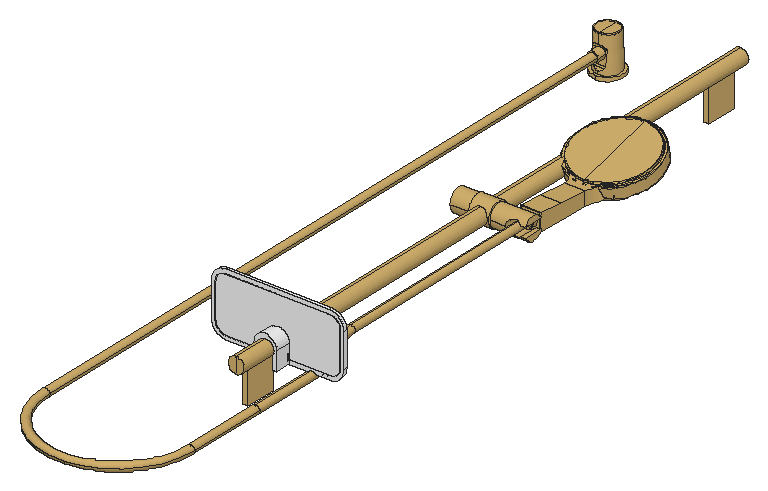
Revit family "26603GN0_26545GN0_28417GN0_26635GN0", category Plumbing Fixtures, host Face, Revit 2015
Parameters (values of type "26603GN0")
  cUPC Compliant = yes
  Width = 2 7/8"
  Waste Connection = no
  Warranty Documentation Link = "https://cdn.cloud.grohe.com/tpi/1000/1900/1940/1949/1949006/original/1949006.pdf"
  WFU = 4  # constant formula
  Vent Connection = no
  Vacuum Breaker Specification = "GROHE 07911GN0 1/2\" In-Line Vacuum Breaker Installed between supply outlet and shower hose GROHE Starlight® finish"
  URL = "https://www.grohe.us/"
  Type Comments = ""
  Tempered Connection Radius = Tempered Connection Diameter / 2  # 1/4"
  Tempered Connection Diameter = Hot Water Connection Diameter  # 1/2"
  Shower Hose Specification = "GROHE 28417GN0 Shower Hose 59\" (1499 mm) Metal Rotation cone for twist-free function GROHE Hard Graphite finish"
  Shower Elbow Specification = "GROHE 26635GN0 Shower outlet elbow 13 mm (1/2\") NPT female thread inlet Protected against backflow GROHE Hard Graphite finish"
  Product Page URL = "https://www.grohe.us/en_us/36-shower-bar-26603A00.html"
  Price = "Prices may vary. Please consult Manufacturer Representative for most up-to-date price list."  # constant formula
  Model = "26603GN0"
  Material = "Metal-Grohe-GN0-Brushed Cool Sunrise"
  Manufacturer = "Grohe"
  Length = 3 3/16"  # constant formula
  Label = "Ceiling Rain Shower/Wall Mounted Head Shower/Hand Shower"
  Installation Type = "Wall Mounted"
  Hot Water Connection Radius = Hot Water Connection Diameter / 2  # 1/4"
  Hot Water Connection Diameter = Cold Water Connection Diameter  # 1/2"
  Height = 36"
  HWFU = 3  # constant formula
  Finish = Metal-Grohe-GN0-Brushed Cool Sunrise
  Description = "Rainshower SmartActive 36\" Shower Bar"
  Default Elevation = 78"  # constant formula
  Creation Date = "2017/04/06"  # constant formula
  Cold Water Connection Radius = 1/4"  # constant formula
  Cold Water Connection Diameter = Cold Water Connection Radius * 2  # 1/2"
  CWFU = 3  # constant formula
  Assembly Code = "D2010710"
Reference planes (in)
  plane 1 "Center (Front/Back)": y = 0
  plane 2: z = 0
  plane 3 "Center (Left/Right)": x = 0
  plane 4: x = -1.4375
  plane 5: x = 1.4375
  plane 6: z = 2.40157
  plane 7: z = 1.53543
  plane 8: z = 1.96181
  plane 9: x = -6
  plane 10: y = 18
  plane 11: y = -18
  plane 12: z = 3.1875
  plane 13: x = 1.9422
  plane 14: y = 0.0625
  plane 15: y = -12.99805
  plane 16: z = 2.55906
  plane 17: y = 19.6939
  plane 18: y = -19.6939
  plane 19: y = 18.94488
  plane 20: y = 17.05512
  plane 21: y = -18.94488
  plane 22: y = -17.05512
  plane 23: z = 2.57465
  plane 24: z = 1.3125
Forms (in)
  Extrusion 1, solid, material "Metal-Grohe-GN0-Brushed Cool Sunrise" <- "Finish"
    sketch origin (1.4375, 0, 0) x (1, 0, 0) y (0, 0, 1)
      loop
        line (0.15446, 2.31231) -> (-0.15446, 2.31231) -> (-0.15446, 0) -> (0.15446, 0) -> (0.15446, 2.31231)
    from -18.94488 to -17.05512
  Extrusion 2, solid, material "Metal-Grohe-GN0-Brushed Cool Sunrise" <- "Finish"
    sketch origin (1.4375, 0, 0) x (1, 0, 0) y (0, 0, -1)
      loop
        line (0.15446, -2.65023) -> (0.15446, 0) -> (-0.15446, 0) -> (-0.15446, -2.65023) -> (0.15446, -2.65023)
    from -18.94488 to -17.05512
  Revolve 3, solid, material "Metal-Grohe-GN0-Brushed Cool Sunrise" <- "Finish"
    sketch origin (1.4375, 0, 0) x (0, 1, 0) y (0, 0, 1)
      loop
        line (19.6939, 3.04724) -> (-19.6939, 3.04724) -> (-19.6939, 2.55906) -> (19.6939, 2.55906) -> (19.6939, 3.04724)
      axis (-19.6939, 2.55906) -> (19.6939, 2.55906)
    angle from 0 to 360
  Extrusion 4, solid, material "Metal-Grohe-GN0-Brushed Cool Sunrise" <- "Finish"
    sketch origin (1.4375, 0.20874, 0.59725) x (0, 1, 0) y (0, 0, 1)
      loop
        circle (-0.20874, 1.96181) r 0.69577
    from -1.826 to 2.8125
  Extrusion 5, solid, material "Metal-Grohe-GN0-Brushed Cool Sunrise" <- "Finish"
    sketch origin (1.4375, 0.20874, 0.59725) x (0, 1, 0) y (0, 0, 1)
      loop
        circle (-0.20874, 1.96181) r 0.75
    from -0.62992 to 0.62992
  Extrusion 6, void
    sketch origin (0, 0, 0) x (1, 0, 0) y (0, 0, 1)
      loop
        arc (3.96287, 2.87219) -> (3.07307, 2.55906) -> (3.96287, 2.24592) r 0.5
        line (3.96287, 2.24592) -> (4.42381, 2.24592) -> (4.42381, 2.87219) -> (3.96287, 2.87219)
    from -0.90567 to 0.76551
  Revolve 7, solid, material "Metal-Grohe-GN0-Brushed Cool Sunrise" <- "Finish"
    sketch origin (-5.5, 0, 0) x (0, 1, 0) y (0, 0, 1)
      loop
        line (18, 0) -> (18.96875, 0) -> (18.96875, 0.21302) -> (18.77738, 0.21302) -> (18.72175, 2.465)
        arc (18.72175, 2.465) -> (18.71093, 2.4898) -> (18.68587, 2.5) r 0.03589
        line (18.68587, 2.5) -> (18, 2.5) -> (18, 0)
      axis (18, 2.5) -> (18, 0)
    angle from 0 to 360
  Extrusion 8, void
    sketch origin (0, 0, 0) x (0, 1, 0) y (0, 0, 1)
      loop
        line (17.16855, 1.89575) -> (17.16855, 0.2526) -> (17.31674, 0.57038)
        arc (17.31674, 0.57038) -> (17.34178, 0.64014) -> (17.3537, 0.71329) r 0.40499
        line (17.3537, 0.71329) -> (17.41541, 1.59585)
        arc (17.41541, 1.59585) -> (17.39503, 1.70321) -> (17.32442, 1.78662) r 0.21461
        line (17.32442, 1.78662) -> (17.16855, 1.89575)
    from -6.91491 to -4.23852
  Extrusion 9, solid, material "Metal-Grohe-GN0-Brushed Cool Sunrise" <- "Finish"
    sketch origin (0, 0, 0) x (1, 0, 0) y (0, 0, 1)
      loop
        circle (-5.5, 1.3125) r 0.32865
    from -17.78142 to -16.84444
  Sweep 10, solid, material "Metal-Grohe-GN0-Brushed Cool Sunrise" <- "Finish"
    path origin (0, 0, 0) x (0, 1, 0) y (0, 0, 1)
      loop
        line (0.28491, 2.55906) -> (-13.39618, 2.55906)
        arc (-13.39618, 2.55906) -> (-14.09682, 2.41969) -> (-14.69078, 2.02281) r 1.83084
        line (-14.69078, 2.02281) -> (-14.99538, 1.71822)
        arc (-14.99538, 1.71822) -> (-15.44477, 1.41794) -> (-15.97487, 1.3125) r 1.38521
        line (-15.97487, 1.3125) -> (-20.82379, 1.3125)
    profile origin (0, -6.55564, 2.55906) x (0, 0, -1) y (1, 0, 0)
      loop
        circle (0, 3.54772) r 0.25
  Sweep 11, solid, material "Metal-Grohe-GN0-Brushed Cool Sunrise" <- "Finish"
    path origin (0, 0, 0) x (1, 0, 0) y (0, 1, 0)
      loop
        line (-5.50007, 17.22637) -> (-5.50007, -25.89577)
        arc (-5.50007, -25.89577) -> (-0.97617, -30.41966) -> (3.54772, -25.89577) r 4.52389
        line (3.54772, -25.89577) -> (3.54772, -20.82379)
    profile origin (-5.50007, -4.3347, 0) x (1, 0, 0) y (0, 0, 1)
      loop
        circle (0.00007, 1.3125) r 0.25
  Sweep 12, solid, material "Metal-Grohe-000-Starlight Chrome"
    path origin (0, -6.6875, 0) x (1, 0, 0) y (0, 0, 1)
      loop
        line (1.89622, 1.43779) -> (4.66595, 1.43779)
        arc (4.66595, 1.43779) -> (5.30575, 1.70281) -> (5.57076, 2.34261) r 0.90481
        line (5.57076, 2.34261) -> (5.57076, 4.46859)
        arc (5.57076, 4.46859) -> (5.30575, 5.10839) -> (4.66595, 5.3734) r 0.90481
        line (4.66595, 5.3734) -> (-1.79075, 5.3734)
        arc (-1.79075, 5.3734) -> (-2.43054, 5.10839) -> (-2.69556, 4.46859) r 0.90481
        line (-2.69556, 4.46859) -> (-2.69556, 2.34261)
        arc (-2.69556, 2.34261) -> (-2.43054, 1.70281) -> (-1.79075, 1.43779) r 0.90481
        line (-1.79075, 1.43779) -> (0.97898, 1.43779) -> (0.98885, 2.56879)
        arc (0.98885, 2.56879) -> (1.4376, 3.01364) -> (1.88635, 2.56879) r 0.44877
        line (1.88635, 2.56879) -> (1.89622, 1.43779)
    profile origin (1.4376, -6.6875, 5.3734) x (0, 0, 1) y (0, -1, 0)
      loop
        line (0, 9.55049) -> (0, 9.75781) -> (-0.23074, 9.75781) -> (-0.23074, 9.72031) -> (-0.19822, 9.72031)
        arc (-0.19822, 9.72031) -> (-0.15126, 9.70817) -> (-0.11608, 9.67478) r 0.09685
        line (-0.11608, 9.67478) -> (-0.03841, 9.55049) -> (0, 9.55049)
  Extrusion 13, solid, material "Metal-Grohe-000-Starlight Chrome"
    sketch origin (0, -6.6875, 0) x (1, 0, 0) y (0, 0, 1)
      loop
        line (5.34002, 2.34261) -> (5.34002, 4.46859)
        arc (5.34002, 4.46859) -> (5.14259, 4.94523) -> (4.66595, 5.14267) r 0.67408
        line (4.66595, 5.14267) -> (-1.79075, 5.14267)
        arc (-1.79075, 5.14267) -> (-2.26739, 4.94523) -> (-2.46482, 4.46859) r 0.67408
        line (-2.46482, 4.46859) -> (-2.46482, 2.34261)
        arc (-2.46482, 2.34261) -> (-2.26739, 1.86596) -> (-1.79075, 1.66853) r 0.67408
        line (-1.79075, 1.66853) -> (0.75025, 1.66853) -> (0.75812, 2.5708)
        arc (0.75812, 2.5708) -> (1.4376, 3.24438) -> (2.11708, 2.5708) r 0.6795
        line (2.11708, 2.5708) -> (2.12495, 1.66853) -> (4.66595, 1.66853)
        arc (4.66595, 1.66853) -> (5.14259, 1.86596) -> (5.34002, 2.34261) r 0.67408
    from 9.72031 to 9.75781
  Extrusion 14, solid, material "Metal-Grohe-000-Starlight Chrome"
    sketch origin (0, -6.6875, 0) x (1, 0, 0) y (0, 0, 1)
      loop
        line (1.88635, 2.56879) -> (1.89622, 1.43779) -> (2.14604, 1.43779) -> (2.14604, 2.60716)
        arc (2.14604, 2.60716) -> (1.4375, 3.31569) -> (0.72896, 2.60716) r 0.70854
        line (0.72896, 2.60716) -> (0.72896, 1.43779) -> (0.97898, 1.43779) -> (0.98885, 2.56879)
        arc (0.98885, 2.56879) -> (1.4376, 3.01364) -> (1.88635, 2.56879) r 0.44877
    from 9.75781 to 10.7062
Cuts and joins
  Extrusion 6, Extrusion 8 cuts Extrusion 1
  Extrusion 6, Extrusion 8 cuts Extrusion 2
  Extrusion 6, Extrusion 8 cuts Revolve 3
  Extrusion 6, Extrusion 8 cuts Extrusion 4
  Extrusion 6, Extrusion 8 cuts Extrusion 5
  joined: Extrusion 1, Extrusion 2, Revolve 3, Extrusion 4, Extrusion 5
  Extrusion 8 cuts Revolve 7
  joined: Revolve 7, Extrusion 9, Sweep 11
Dimensions and locks (in)
  equal spacing: plane 4, plane 3 "Center (Left/Right)", plane 5
  locked: plane 4 to plane 5 at 2.875
  plane 9 to plane 3 "Center (Left/Right)" = 6"
  equal spacing: plane 10, plane 1 "Center (Front/Back)", plane 11
  "Height": plane 10 to plane 11
  "Length": plane 12 to level
  locked: plane 3 "Center (Left/Right)" to plane 13 at 1.9422
  locked: plane 14 to plane 1 "Center (Front/Back)" at 0.0625
  locked: plane 16 to plane 12 at 0.62844
  locked: plane 17 to plane 10 at 1.6939
  locked: plane 11 to plane 18 at 1.6939
  equal spacing: plane 19, plane 10, plane 20
  locked: plane 19 to plane 20 at 1.88976
  equal spacing: plane 22, plane 11, plane 21
  locked: plane 22 to plane 21 at 1.88976
  equal spacing: plane 8, plane 23, plane 12
  locked: Extrusion 5 to Extrusion 5 at 1.25984
  aligned and locked: plane 2 to host face
  aligned and locked: level to host face
  aligned and locked: plane 5 to Revolve 3
  aligned and locked: plane 1 "Center (Front/Back)" to Extrusion 4 sketch curve
  aligned and locked: plane 16 to Extrusion 4 sketch curve
  aligned and locked: plane 1 "Center (Front/Back)" to Extrusion 5 sketch curve
  aligned and locked: plane 16 to Extrusion 5 sketch curve
  aligned and locked: plane 19 to cut or joined group of Extrusion 1, Extrusion 2, Revolve 3, Extrusion 4, Extrusion 5, Extrusion 6, Extrusion 8
  aligned and locked: cut or joined group of Extrusion 1, Extrusion 2, Revolve 3, Extrusion 4, Extrusion 5, Extrusion 6, Extrusion 8 to plane 20
  aligned and locked: plane 22 to cut or joined group of Extrusion 1, Extrusion 2, Revolve 3, Extrusion 4, Extrusion 5, Extrusion 6, Extrusion 8
  aligned and locked: cut or joined group of Extrusion 1, Extrusion 2, Revolve 3, Extrusion 4, Extrusion 5, Extrusion 6, Extrusion 8 to plane 21
Automatic sketch dimensions
  host sketch curve to host sketch curve = 96"  (x2)
  Extrusion 1 sketch curve to level = 0"
  plane 5 to Extrusion 1 sketch curve = 0.15446"
  Extrusion 1 sketch curve to plane 5 = 0.15446"
  Extrusion 1 sketch curve to plane 6 = 0.08926"
  Extrusion 2 sketch curve to level = 0"
  plane 5 to Extrusion 2 sketch curve = 0.15446"
  Extrusion 2 sketch curve to plane 5 = 0.15446"
  Extrusion 2 sketch curve to plane 16 = 0.09117"
  Revolve 3 sketch curve to plane 18 = 0"
  Revolve 3 sketch curve to plane 17 = 0"
  plane 16 to Revolve 3 sketch curve = 0"  (x2)
  Revolve 3 sketch curve to plane 12 = 0.14026"
  plane 17 to Revolve 3 sketch curve = 0.85198"
  Revolve 3 sketch curve to Revolve 3 sketch curve = 0.38123"
  Extrusion 6 sketch curve to plane 16 = 0"
  plane 13 to Extrusion 6 sketch curve = 1.63087"
  Extrusion 6 sketch curve to plane 6 = 0.15565"
  Extrusion 6 sketch curve to Extrusion 6 sketch curve = 0.38981"
  Extrusion 6 sketch curve to plane 16 = 0.31313"
  Extrusion 6 sketch curve to Extrusion 6 sketch curve = 59/128"
  Extrusion 6 sketch curve to Extrusion 6 sketch curve = 0"
  Revolve 7 sketch curve to level = 0"
  Revolve 7 sketch curve to plane 10 = 0"  (x2)
  plane 8 to Revolve 7 sketch curve = 0"
  plane 6 to Revolve 7 sketch curve = 0.06254"
  Revolve 7 sketch curve to plane 19 = 0.25901"
  plane 6 to Revolve 7 sketch curve = 0.06342"
  Revolve 7 sketch curve to Revolve 7 sketch curve = 0.03588"
  Revolve 7 sketch curve to plane 19 = 0.1675"
  plane 19 to Revolve 7 sketch curve = 0.02387"
  level to Revolve 7 sketch curve = 0.21302"
  plane 7 to Revolve 7 sketch curve = 0.17638"
  plane 20 to Extrusion 8 sketch curve = 0.10543"
  Extrusion 8 sketch curve to plane 20 = 0.11344"
  Extrusion 8 sketch curve to plane 20 = 0.14621"
  Extrusion 8 sketch curve to plane 20 = 0.26162"
  plane 8 to Extrusion 8 sketch curve = 0.17519"
  Extrusion 8 sketch curve to Extrusion 8 sketch curve = 0.15587"
  Extrusion 8 sketch curve to Extrusion 8 sketch curve = 0.03696"
  plane 7 to Extrusion 8 sketch curve = 0.06042"
  Extrusion 8 sketch curve to Extrusion 8 sketch curve = 0.09099"
  Extrusion 8 sketch curve to plane 24 = 0.57096"
  Extrusion 8 sketch curve to Extrusion 8 sketch curve = 0.02825"
  level to Extrusion 8 sketch curve = 0.2526"
  plane 8 to Extrusion 8 sketch curve = 0.06606"
  Extrusion 9 sketch curve to plane 24 = 0"
  plane 9 to Extrusion 9 sketch curve = 1/2"
  Sweep 10 sketch curve to plane 24 = 0"
  Sweep 10 sketch curve to plane 16 = 0"
  plane 22 to Sweep 10 sketch curve = 1.08025"
  plane 7 to Sweep 10 sketch curve = 0.18279"
  Sweep 10 sketch curve to Sweep 10 sketch curve = 0.97949"
  Sweep 10 sketch curve to plane 8 = 0.061"
  Sweep 10 sketch curve to Sweep 10 sketch curve = 0.3046"
  plane 15 to Sweep 10 sketch curve = 0.39814"
  plane 18 to Sweep 10 sketch curve = 1.12989"
  plane 14 to Sweep 10 sketch curve = 0.22241"
  Sweep 10 sketch curve to profile plane = 0"
  plane 3 "Center (Left/Right)" to Sweep 10 sketch curve = 3.54772"
  plane 9 to Sweep 11 sketch curve = 0.49993"
  plane 4 to Sweep 11 sketch curve = 0.46133"
  plane 18 to Sweep 11 sketch curve = 6.20187"
  plane 18 to Sweep 11 sketch curve = 1.12989"
  Sweep 11 sketch curve to plane 20 = 0.17126"
  Sweep 11 sketch curve to profile plane = 0.00007"
  level to Sweep 11 sketch curve = 1 5/16"
  Sweep 12 sketch curve to plane 6 = 0.05897"  (x2)
  Sweep 12 sketch curve to plane 4 = 1.25806"
  Sweep 12 sketch curve to plane 7 = 25/256"
  Sweep 12 sketch curve to plane 4 = 0.35325"
  plane 5 to Sweep 12 sketch curve = 0.45852"
  Sweep 12 sketch curve to plane 16 = 0.00973"  (x2)
  plane 5 to Sweep 12 sketch curve = 0.44865"
  Sweep 12 sketch curve to plane 5 = 0.0001"
  Sweep 12 sketch curve to plane 13 = 0.04598"
  plane 13 to Sweep 12 sketch curve = 2.72375"
  Sweep 12 sketch curve to Sweep 12 sketch curve = 0"
  Sweep 12 sketch curve to Sweep 12 sketch curve = 0.90481"
  Sweep 12 sketch curve to plane 16 = 0.00582"
  plane 12 to Sweep 12 sketch curve = 1.28109"
  profile plane to Sweep 12 sketch curve = 0"
  Sweep 12 sketch curve to Sweep 12 sketch curve = 0.03841"
  profile plane to Sweep 12 sketch curve = 0.11608"
  Sweep 12 sketch curve to Sweep 12 sketch curve = 0.08213"
  Sweep 12 sketch curve to Sweep 12 sketch curve = 0.03252"
  profile plane to Sweep 12 sketch curve = 9.55049"
  Sweep 12 sketch curve to Sweep 12 sketch curve = 0.07298"
  Sweep 12 sketch curve to Sweep 12 sketch curve = 0.05132"
  Sweep 12 sketch curve to Sweep 12 sketch curve = 0.08303"
  Extrusion 13 sketch curve to plane 4 = 1.02732"
  plane 7 to Extrusion 13 sketch curve = 0.1331"  (x2)
  Extrusion 13 sketch curve to plane 4 = 0.35325"  (x2)
  plane 5 to Extrusion 13 sketch curve = 0.68725"
  Extrusion 13 sketch curve to plane 16 = 0.01175"  (x2)
  plane 5 to Extrusion 13 sketch curve = 0.67938"
  Extrusion 13 sketch curve to plane 5 = 0.0001"
  plane 13 to Extrusion 13 sketch curve = 0.18275"
  plane 12 to Extrusion 13 sketch curve = 1.28109"
  plane 13 to Extrusion 13 sketch curve = 2.72375"
  Extrusion 13 sketch curve to Extrusion 13 sketch curve = 2.54099"
  Extrusion 13 sketch curve to Extrusion 13 sketch curve = 0.67408"
  Extrusion 13 sketch curve to plane 16 = 0.00582"
  plane 5 to Extrusion 14 sketch curve = 0"
  Extrusion 14 sketch curve to plane 16 = 0.00973"  (x2)
  plane 5 to Extrusion 14 sketch curve = 0.44865"
  Extrusion 14 sketch curve to plane 7 = 25/256"  (x2)
  plane 5 to Extrusion 14 sketch curve = 0.45852"
  Extrusion 14 sketch curve to Extrusion 14 sketch curve = 1/4"
  Extrusion 14 sketch curve to plane 5 = 0.0001"
  Extrusion 14 sketch curve to plane 13 = 0.04598"
  Extrusion 14 sketch curve to plane 16 = 0.00582"
  Extrusion 14 sketch curve to Extrusion 14 sketch curve = 0.04229"
  radius of Extrusion 4 sketch curve = 0.69577"
  radius of Extrusion 5 sketch curve = 3/4"
  radius of Extrusion 9 sketch curve = 0.32865"
  radius of Sweep 10 sketch curve = 1/4"
  radius of Sweep 11 sketch curve = 1/4"
Nested families (in)
  nested 1: "Hand_Shower-Grohe-Rainshower_130_SmartActive-26545A00" at (3.54772, 0.28491, 2.55906) x (1, 0, 0) z (0, 1, 0), type "26545A00"
Connectors (in)
  piping at (-5.5, 18, 0), diameter 0.5, driven by "Tempered Connection Diameter"
    settings: on cut or joined group of Revolve 7, Extrusion 8, Extrusion 9, Sweep 11, index 1, connector inside diameter 24", connector length 0", flow factor 0, pipe flow 0 GPM, pressure drop 0.00 psi, fitting loss kfactor 0, connector angle 0.00°, fixture units 0, engagement length 0", angle of deflection 0.00°, flow configuration 0, flow direction 1, fitting loss method 0, system type 29, joint type 0, gender type 0, connector reference index -1, connector utility 0, adjustable connector no, is connector primary yes, connector description "1/2\" Supply Inlet"
Definition of nested family "Hand_Shower-Grohe-Rainshower_130_SmartActive-26545A00"
  Parameters
    cUPC Compliant = yes
    Waste Connection = no
    Warranty Documentation Link = "https://cdn.cloud.grohe.com/tpi/1000/1900/1940/1949/1949006/original/1949006.pdf"
    WFU = 4  # constant formula
    Vent Connection = no
    URL = "https://www.grohe.us/"
    Tempered Connection Radius = Tempered Connection Diameter / 2  # 1/4"
    Tempered Connection Diameter = Hot Water Connection Diameter  # 1/2"
    Product Page URL = "https://www.grohe.us/en_us/hand-shower-3-sprays-26545A00.html"
    Price = "Prices may vary. Please consult Manufacturer Representative for most up-to-date price list."  # constant formula
    Model = "26545A00"
    Material = "Metal-Grohe-A00-Hard Graphite"
    Manufacturer = "Grohe"
    Hot Water Connection Radius = Hot Water Connection Diameter / 2  # 1/4"
    Hot Water Connection Diameter = Cold Water Connection Diameter  # 1/2"
    Height = 6 15/16"  # constant formula
    HWFU = 3  # constant formula
    HW Connection = yes
    Flow Rate = "2.0 gpm (7.6 L/min)"
    Finish = none
    Description = "Rainshower® 130 SmartActive Hand Shower"  # constant formula
    Default Elevation = 0"
    Creation Date = "03/03/2017"  # constant formula
    Cold Water Connection Radius = Cold Water Connection Diameter / 2  # 1/4"
    Cold Water Connection Diameter = 1/2"  # constant formula
    CalGreen Compliant = yes
    CWFU = 3  # constant formula
    CW Connection = yes
    Assembly Code = "D2010710"
  Reference planes (in)
    plane 1 "Center (Front/Back)": y = 0
    plane 2: z = 0
    plane 3 "Center (Left/Right)": x = 0
    plane 4: x = -0.07874
    plane 5: x = 0.07874
    plane 6: z = 6.92913
    plane 7: y = -1.25984
    plane 8: z = 0.39377
    plane 9: z = 6.40921
    plane 10: z = 4.84255
  Forms (in)
    Revolve 1, solid, material <- "Finish"
      sketch origin (0, 0, 0) x (0, 0.970296, 0.241922) y (0, -0.241922, 0.970296)
        loop
          arc (0.88493, 9.58765) -> (0.8658, 9.58034) -> (0.85769, 9.56154) r 0.02632
          line (0.85769, 9.56154) -> (0.85662, 9.41582)
          arc (0.85662, 9.41582) -> (0.85049, 9.40088) -> (0.83573, 9.39434) r 0.02165
          line (0.83573, 9.39434) -> (0.75332, 9.39146)
          arc (0.75332, 9.39146) -> (0.73919, 9.38517) -> (0.73339, 9.37083) r 0.02065
          line (0.73339, 9.37083) -> (0.73339, 6.92913) -> (1.83249, 6.92913)
          arc (1.83249, 6.92913) -> (1.78652, 8.23685) -> (1.64434, 9.53763) r 17.751
          arc (1.64434, 9.53763) -> (1.6351, 9.5548) -> (1.61701, 9.56208) r 0.02863
          line (1.61701, 9.56208) -> (0.88493, 9.58765)
        axis (1.83249, 6.92913) -> (0.73339, 6.92913)
      angle from 0 to 360
    Extrusion 2, solid, material <- "Finish"
      sketch origin (0, 0, 0) x (1, 0, 0) y (0, 0, 1)
        loop
          line (-0.64527, 3.7607) -> (-0.61971, 0.42917)
          arc (-0.61971, 0.42917) -> (-0.60917, 0.40413) -> (-0.58404, 0.39377) r 0.03567
          line (-0.58404, 0.39377) -> (0.58404, 0.39377)
          arc (0.58404, 0.39377) -> (0.60917, 0.40413) -> (0.61971, 0.42917) r 0.03567
          line (0.61971, 0.42917) -> (0.64527, 3.7607)
          arc (0.64527, 3.7607) -> (0.88797, 4.51248) -> (1.51717, 4.99016) r 1.31706
          line (1.51717, 4.99016) -> (1.51717, 5.16409) -> (-1.51717, 5.16409) -> (-1.51717, 4.99016)
          arc (-1.51717, 4.99016) -> (-0.88797, 4.51248) -> (-0.64527, 3.7607) r 1.31706
      from -0.82057 to 0.689
    Extrusion 3, void
      sketch origin (0, 0, 0) x (0, 1, 0) y (0, 0, 1)
        loop
          arc (0.54276, 4.57104) -> (0.59385, 3.36285) -> (0.57808, 2.15368) r 21.86519
          arc (0.57808, 2.15368) -> (0.54977, 1.26628) -> (0.53711, 0.37853) r 50.35012
          arc (0.53711, 0.37853) -> (0.52314, 0.34613) -> (0.49011, 0.33369) r 0.04512
          line (0.49011, 0.33369) -> (0.49011, 0.2934) -> (0.91516, 0.2934) -> (0.91516, 5.23984) -> (0.0817, 5.23984)
          arc (0.0817, 5.23984) -> (0.32061, 4.95559) -> (0.52134, 4.64321) r 2.90725
          arc (0.52134, 4.64321) -> (0.53601, 4.6083) -> (0.54276, 4.57104) r 0.17353
        loop
          arc (-0.31741, 4.77737) -> (-0.32837, 4.82588) -> (-0.33476, 4.8752) r 0.53221
          arc (-0.33476, 4.8752) -> (-0.35792, 5.05887) -> (-0.39686, 5.23984) r 2.13913
          line (-0.39686, 5.23984) -> (-0.96238, 5.23984) -> (-0.96238, 0.33638) -> (-0.48952, 0.33638) -> (-0.48952, 0.38453)
          arc (-0.48952, 0.38453) -> (-0.52403, 0.40021) -> (-0.53602, 0.43618) r 0.04742
          arc (-0.53602, 0.43618) -> (-0.46927, 1.21402) -> (-0.40861, 1.99235) r 99.87804
          arc (-0.40861, 1.99235) -> (-0.33193, 2.94199) -> (-0.24254, 3.89051) r 71.1611
          arc (-0.24254, 3.89051) -> (-0.23887, 4.33741) -> (-0.31741, 4.77737) r 2.42084
      from -1.81167 to 1.93989
    Revolve 4, solid, material <- "Finish"
      sketch origin (0, 0, 0) x (0, 1, 0) y (0, 0, 1)
        loop
          line (0.3622, 0) -> (0.3622, 0.04724) -> (0.4125, 0.09754) -> (0.4125, 0.32677) -> (0.35827, 0.32677) -> (0.35827, 0.59488) -> (0, 0.59488) -> (0, 0) -> (0.3622, 0)
        axis (0, 0.59488) -> (0, 0)
      angle from 0 to 360
  Cuts and joins
    Extrusion 3 cuts Extrusion 2
    joined: Extrusion 2, Revolve 4
  Dimensions and locks (in)
    plane 6 to level = 6.92913"
    plane 1 "Center (Front/Back)" to plane 7 = 1.25984"
  Connectors (in)
    piping at (0, 0, 0), diameter 0.5, driven by "Tempered Connection Diameter"
      settings: on cut or joined group of Extrusion 2, Extrusion 3, Revolve 4, index 1, connector inside diameter 24", connector length 0", flow factor 0, pipe flow 0 GPM, pressure drop 0.00 psi, fitting loss kfactor 0, connector angle 0.00°, fixture units 0, engagement length 0", angle of deflection 0.00°, flow configuration 0, flow direction 1, fitting loss method 0, system type 29, joint type 0, gender type 0, connector reference index -1, connector utility 0, adjustable connector no, is connector primary yes, connector description "1/2\" NPT Supply Inlet"
